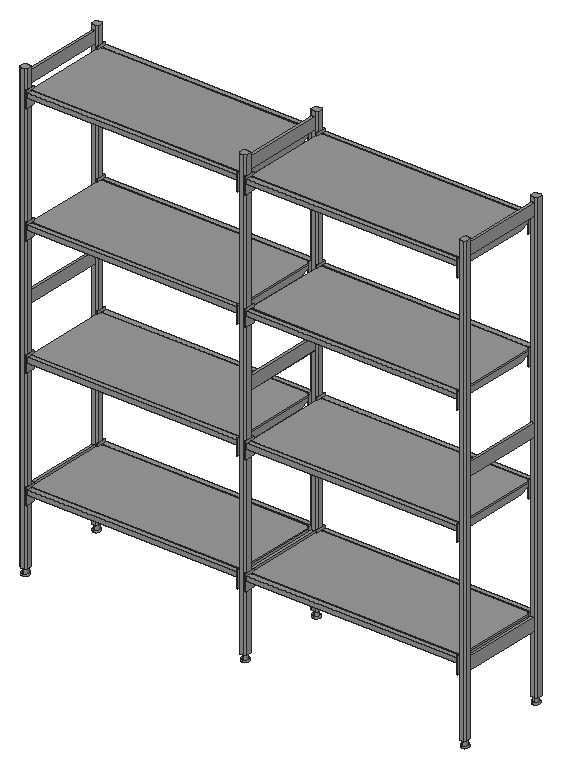
Revit family "QF_ELECTROLUXPROFESSIONAL_137020_ALS1696", category Attrezzature speciali, Revit 2020
Family settings
  Quota connettore circolare = Usa diametro
  Tipo di parte = Normale
  Basato su piano di lavoro = No
  Sempre verticale = Sì
  Taglio con vuoti quando caricato = No
  Condiviso = No
  Punto di calcolo locali = No
Parameters (values of type "Standard")
  Weight = 30.00 kg
  Watts = 0 W
  Volts = 0 V
  URL Manufacturer = "https://www.electroluxprofessional.com/"
  URL = "https://www.electroluxprofessional.com/"
  Steam Supply Size = 0 mm
  Steam Supply Minimum Pressure = 0.0 Pa
  Steam Supply Maximum Pressure = 0.0 Pa
  Steam Consumption per Hour = 0
  Refrigeration Suction Line Size = 0.0 mm
  Refrigeration Liquid Line Size = 0.0 mm
  Refrigerant Compressor Remote = yes
  Prospetto di default = 0.0 mm
  Phase = 0
  Modello = "ALS1696"
  Produttore = "Electrolux Professional"
  Length Actual = 1696.0 mm  # constant formula
  Item Number = "137020"
  Hot Water Size = 0 mm
  Height Actual = 1700.0 mm  # constant formula
  HP = "0 HP"
  Gas Size = 0 mm
  Gas KW = 0
  Gas Input Pressure = 0 W
  Direct Waste Size = 0 mm
  Descrizione = "ALUM.LINEAR SHELV.-POLY.TIERS-373X1696MM"
  Depth Actual = 373.0 mm  # constant formula
  Cycle = 0 Hz
  Condensate Return Size = 0 mm
  Compressed Air Volume = 0.0 L/s
  Compressed Air Size = 0 mm
  Compressed Air Pressure = 0.0 Pa
  Cold Water Size = 0 mm
  Accessory = yes
Reference planes
  plane 1: z = 0
  plane 2 "CenterLeft": x = -31
  plane 3 "LEFT": x = -417
  plane 4 "BACK": y = 23
  plane 5 "FRONT": y = -350
  plane 6 "TOP": z = 1700
  plane 7: x = -385
  plane 8: x = 413
  plane 9 "Center (Front/Back)": y = -163.5
  plane 10: y = -8.5
  plane 11: y = -318.5
  plane 12 "FEET": z = 25
  plane 13: z = 275
  plane 14: z = 725
  plane 15: z = 1175
  plane 16: z = 1625
  plane 17 "CXLeft": x = -403
  plane 18 "Center (Left/Right)": x = 431
  plane 19: y = 5.5
  plane 20 "CYBack": y = 5.5
  plane 21 "CYFront": y = -332.5
  plane 22 "RIGHT": x = 1279
  plane 23: x = 1247
  plane 24 "CXRight": x = 1265
  plane 25: x = 449
Forms (mm)
  Extrusion 1, solid, material "QF_Aluminum"
    sketch origin (-417, 0, -4.006) x (0, 1, 0) y (0, 0, 1)
      loop
        line (-12, 1637.003) -> (4, 1637.003) -> (4, 1655) -> (2.007, 1655) -> (2.007, 1648.501) -> (-329, 1648.501) -> (-329, 1655) -> (-331, 1655) -> (-331, 1637.003) -> (-315, 1637.003) -> (-281, 1625) -> (-46, 1625) -> (-12, 1637.003)
      loop
        line (-12, 1187.003) -> (4, 1187.003) -> (4, 1205) -> (2.007, 1205) -> (2.007, 1198.501) -> (-329, 1198.501) -> (-329, 1205) -> (-331, 1205) -> (-331, 1187.003) -> (-315, 1187.003) -> (-281, 1175) -> (-46, 1175) -> (-12, 1187.003)
      loop
        line (-12, 737.003) -> (4, 737.003) -> (4, 755) -> (2.007, 755) -> (2.007, 748.501) -> (-329, 748.501) -> (-329, 755) -> (-331, 755) -> (-331, 737.003) -> (-315, 737.003) -> (-281, 725) -> (-46, 725) -> (-12, 737.003)
      loop
        line (-12, 287.003) -> (4, 287.003) -> (4, 305) -> (2.007, 305) -> (2.007, 298.501) -> (-329, 298.501) -> (-329, 305) -> (-331, 305) -> (-331, 287.003) -> (-315, 287.003) -> (-281, 275) -> (-46, 275) -> (-12, 287.003)
    from 37 to 32
  Extrusion 2, solid, material "QF_Aluminum"
    sketch origin (-417, 0, 0) x (0, 1, 0) y (0, 0, 1)
      loop
        line (23, 246.005) -> (23, 307.993) -> (-12.993, 307.993) -> (-12.993, 246.005) -> (23, 246.005)
      loop
        line (-350, 246.005) -> (-314.007, 246.005) -> (-314.007, 307.993) -> (-350, 307.993) -> (-350, 246.005)
      loop
        line (23, 696.005) -> (23, 757.993) -> (-12.993, 757.993) -> (-12.993, 696.005) -> (23, 696.005)
      loop
        line (-350, 696.005) -> (-314.007, 696.005) -> (-314.007, 757.993) -> (-350, 757.993) -> (-350, 696.005)
      loop
        line (23, 1146.005) -> (23, 1207.993) -> (-12.993, 1207.993) -> (-12.993, 1146.005) -> (23, 1146.005)
      loop
        line (-350, 1146.005) -> (-314.007, 1146.005) -> (-314.007, 1207.993) -> (-350, 1207.993) -> (-350, 1146.005)
      loop
        line (23, 1596.005) -> (23, 1657.993) -> (-12.993, 1657.993) -> (-12.993, 1596.005) -> (23, 1596.005)
      loop
        line (-350, 1596.005) -> (-314.007, 1596.005) -> (-314.007, 1657.993) -> (-350, 1657.993) -> (-350, 1596.005)
    from 28 to 32
  Extrusion 3, solid, material "QF_Aluminum"
    sketch origin (-417, 0, 0) x (0, 1, 0) y (0, 0, 1)
      loop
        line (4, 1650.994) -> (4, 1632.998) -> (23, 1632.998) -> (23, 1650.994) -> (4, 1650.994)
      loop
        line (-331, 1650.994) -> (-350, 1650.994) -> (-350, 1632.998) -> (-331, 1632.998) -> (-331, 1650.994)
      loop
        line (4, 1200.994) -> (4, 1182.998) -> (23, 1182.998) -> (23, 1200.994) -> (4, 1200.994)
      loop
        line (-331, 1200.994) -> (-350, 1200.994) -> (-350, 1182.998) -> (-331, 1182.998) -> (-331, 1200.994)
      loop
        line (4, 750.994) -> (4, 732.998) -> (23, 732.998) -> (23, 750.994) -> (4, 750.994)
      loop
        line (-331, 750.994) -> (-350, 750.994) -> (-350, 732.998) -> (-331, 732.998) -> (-331, 750.994)
      loop
        line (4, 300.994) -> (4, 282.998) -> (23, 282.998) -> (23, 300.994) -> (4, 300.994)
      loop
        line (-331, 300.994) -> (-350, 300.994) -> (-350, 282.998) -> (-331, 282.998) -> (-331, 300.994)
    from 32 to 830
  Extrusion 4, solid, material "QF_Polyethylene"
    sketch origin (-417, 0, 0) x (0, 1, 0) y (0, 0, 1)
      loop
        line (2.007, 1650.994) -> (-329, 1650.994) -> (-329, 1644.496) -> (2.007, 1644.496) -> (2.007, 1650.994)
      loop
        line (2.007, 1200.994) -> (-329, 1200.994) -> (-329, 1194.496) -> (2.007, 1194.496) -> (2.007, 1200.994)
      loop
        line (2.007, 750.994) -> (-329, 750.994) -> (-329, 744.496) -> (2.007, 744.496) -> (2.007, 750.994)
      loop
        line (2.007, 300.994) -> (-329, 300.994) -> (-329, 294.496) -> (2.007, 294.496) -> (2.007, 300.994)
    from 32 to 830
  Extrusion 5, solid, material "QF_Aluminum"
    sketch origin (1279, 0, 0) x (0, 1, 0) y (0, 0, 1)
      loop
        line (4, 1650.994) -> (4, 1632.998) -> (23, 1632.998) -> (23, 1650.994) -> (4, 1650.994)
      loop
        line (-331, 1650.994) -> (-350, 1650.994) -> (-350, 1632.998) -> (-331, 1632.998) -> (-331, 1650.994)
      loop
        line (4, 1200.994) -> (4, 1182.998) -> (23, 1182.998) -> (23, 1200.994) -> (4, 1200.994)
      loop
        line (-331, 1200.994) -> (-350, 1200.994) -> (-350, 1182.998) -> (-331, 1182.998) -> (-331, 1200.994)
      loop
        line (4, 750.994) -> (4, 732.998) -> (23, 732.998) -> (23, 750.994) -> (4, 750.994)
      loop
        line (-331, 750.994) -> (-350, 750.994) -> (-350, 732.998) -> (-331, 732.998) -> (-331, 750.994)
      loop
        line (4, 300.994) -> (4, 282.998) -> (23, 282.998) -> (23, 300.994) -> (4, 300.994)
      loop
        line (-331, 300.994) -> (-350, 300.994) -> (-350, 282.998) -> (-331, 282.998) -> (-331, 300.994)
    from -32 to -830
  Extrusion 6, solid, material "QF_Polyethylene"
    sketch origin (1279, 0, 0) x (0, 1, 0) y (0, 0, 1)
      loop
        line (2.007, 1650.994) -> (-329, 1650.994) -> (-329, 1644.496) -> (2.007, 1644.496) -> (2.007, 1650.994)
      loop
        line (2.007, 1200.994) -> (-329, 1200.994) -> (-329, 1194.496) -> (2.007, 1194.496) -> (2.007, 1200.994)
      loop
        line (2.007, 750.994) -> (-329, 750.994) -> (-329, 744.496) -> (2.007, 744.496) -> (2.007, 750.994)
      loop
        line (2.007, 300.994) -> (-329, 300.994) -> (-329, 294.496) -> (2.007, 294.496) -> (2.007, 300.994)
    from -32 to -830
Lines and regions (mm)
  symbolic lines
    curve 1: line (413, 4, 1700) -> (-385, 4, 1700)
    curve 2: line (-408, -8.5, 1700) -> (-408, -318.5, 1700)
    curve 3: line (-398, -318.5, 1700) -> (-398, -8.5, 1700)
    curve 4: line (-389, 23, 1700) -> (417, 23, 1700)
    curve 5: line (-385, -350, 1700) -> (413, -350, 1700)
    curve 6: line (445, 23, 1700) -> (1251, 23, 1700)
    curve 7: line (445, -350, 1700) -> (1251, -350, 1700)
    curve 8: line (-385, -331, 1700) -> (413, -331, 1700)
    curve 9: line (449, -331, 1700) -> (1247, -331, 1700)
    curve 10: line (449, 4, 1700) -> (1247, 4, 1700)
    curve 11: line (1247, -12.993, 1700) -> (1247, -314.007, 1700)
    curve 12: line (413, -12.993, 1700) -> (413, -314.007, 1700)
    curve 13: line (449, -314.007, 1700) -> (449, -12.993, 1700)
    curve 14: line (-385, -12.993, 1700) -> (-385, -314.007, 1700)
Dimensions and locks
  plane 3 "LEFT" to plane 2 "CenterLeft" = 386.0 mm
  locked: plane 6 "TOP" to level at 1700
  locked: plane 4 "BACK" to plane 5 "FRONT" at 373
  locked: plane 7 to plane 8 at 798
  locked: plane 10 to plane 11 at 310
  equal spacing: plane 10, plane 9 "Center (Front/Back)", plane 11
  equal spacing: plane 4 "BACK", plane 9 "Center (Front/Back)", plane 5 "FRONT"
  plane 12 "FEET" to level = 25.0 mm
  plane 6 "TOP" to plane 12 "FEET" = 1675.0 mm
  plane 13 to plane 12 "FEET" = 250.0 mm
  plane 14 to plane 13 = 450.0 mm
  plane 15 to plane 14 = 450.0 mm
  plane 16 to plane 15 = 450.0 mm
  locked: plane 4 "BACK" to plane 20 "CYBack" at 17.5
  locked: plane 21 "CYFront" to plane 5 "FRONT" at 17.5
  locked: plane 4 "BACK" to Extrusion 1 at 19
  locked: Extrusion 1 to plane 5 "FRONT" at 19
  Extrusion 1 sketch curve to plane 21 "CYFront" = 3.5 mm
  plane 3 "LEFT" to plane 22 "RIGHT" = 1696.0 mm
  locked: plane 25 to plane 23 at 798
  locked: plane 8 to plane 18 "Center (Left/Right)" at 18
  locked: plane 18 "Center (Left/Right)" to plane 25 at 18
  locked: plane 3 "LEFT" to plane 7 at 32
  locked: plane 24 "CXRight" to plane 22 "RIGHT" at 14
  aligned and locked: level to plane 1
  aligned and locked: plane 7 to Extrusion 1
  aligned and locked: Extrusion 2 to plane 7
  aligned and locked: plane 7 to Extrusion 4
  aligned and locked: Extrusion 4 to plane 8
  aligned and locked: plane 7 to Extrusion 3
  aligned and locked: Extrusion 3 to plane 8
  aligned and locked: Extrusion 3 sketch curve to Extrusion 1
  aligned and locked: Extrusion 1 to Extrusion 3 sketch curve
  aligned and locked: Extrusion 3 sketch curve to Extrusion 3 sketch curve  (x2)
  aligned and locked: Extrusion 1 sketch curve to Extrusion 1 sketch curve  (x3)
  aligned and locked: Extrusion 4 sketch curve to Extrusion 1  (x4)
  aligned and locked: Extrusion 5 sketch curve to Extrusion 5 sketch curve  (x2)
  aligned and locked: Extrusion 5 to plane 25
  aligned and locked: Extrusion 6 to plane 25
  aligned and locked: plane 18 "Center (Left/Right)" to nested 3
  aligned and locked: plane 17 "CXLeft" to nested 1
  aligned and locked: Extrusion 3 to plane 7  (x3)
  aligned and locked: plane 8 to Extrusion 3  (x4)
  aligned and locked: plane 25 to Extrusion 5  (x4)
  aligned and locked: plane 25 to Extrusion 6  (x4)
  aligned and locked: plane 8 to Extrusion 4  (x4)
  aligned and locked: plane 24 "CXRight" to nested 2
  aligned and locked: Extrusion 5 to plane 23
  aligned and locked: Extrusion 6 to plane 23
  aligned and locked: plane 23 to Extrusion 5  (x3)
  aligned and locked: plane 23 to Extrusion 6  (x3)
Automatic sketch dimensions
  plane 21 "CYFront" to Extrusion 1 sketch curve = 1.5 mm  (x4)
  plane 11 to Extrusion 1 sketch curve = 3.5 mm  (x4)
  Extrusion 1 sketch curve to plane 13 = 4.006 mm
  Extrusion 1 sketch curve to Extrusion 1 sketch curve = 34.0 mm  (x4)
  Extrusion 1 sketch curve to plane 14 = 4.006 mm
  Extrusion 1 sketch curve to plane 15 = 4.006 mm
  Extrusion 1 sketch curve to plane 16 = 4.006 mm
  Extrusion 1 sketch curve to plane 10 = 37.5 mm  (x4)
  Extrusion 1 sketch curve to plane 10 = 3.5 mm  (x4)
  plane 19 to Extrusion 1 sketch curve = 3.493 mm  (x4)
  plane 19 to Extrusion 1 sketch curve = 1.5 mm  (x4)
  plane 13 to Extrusion 1 sketch curve = 7.998 mm  (x2)
  Extrusion 1 sketch curve to Extrusion 1 sketch curve = 11.498 mm  (x4)
  Extrusion 1 sketch curve to Extrusion 1 sketch curve = 6.499 mm  (x8)
  plane 14 to Extrusion 1 sketch curve = 7.998 mm  (x2)
  plane 15 to Extrusion 1 sketch curve = 7.998 mm  (x2)
  plane 16 to Extrusion 1 sketch curve = 7.998 mm  (x2)
  Extrusion 2 sketch curve to plane 5 "FRONT" = 0.0 mm  (x4)
  Extrusion 2 sketch curve to plane 4 "BACK" = 0.0 mm  (x4)
  plane 11 to Extrusion 2 sketch curve = 4.493 mm  (x4)
  Extrusion 2 sketch curve to plane 10 = 4.493 mm  (x4)
  Extrusion 2 sketch curve to plane 13 = 28.995 mm  (x2)
  plane 13 to Extrusion 2 sketch curve = 32.993 mm  (x2)
  Extrusion 2 sketch curve to plane 14 = 28.995 mm  (x2)
  plane 14 to Extrusion 2 sketch curve = 32.993 mm  (x2)
  Extrusion 2 sketch curve to plane 15 = 28.995 mm  (x2)
  plane 15 to Extrusion 2 sketch curve = 32.993 mm  (x2)
  Extrusion 2 sketch curve to plane 16 = 28.995 mm  (x2)
  plane 16 to Extrusion 2 sketch curve = 32.993 mm  (x2)
  Extrusion 3 sketch curve to plane 5 "FRONT" = 0.0 mm  (x4)
  Extrusion 3 sketch curve to plane 4 "BACK" = 0.0 mm  (x4)
  plane 19 to Extrusion 3 sketch curve = 1.5 mm  (x4)
  plane 13 to Extrusion 3 sketch curve = 7.998 mm  (x2)
  Extrusion 3 sketch curve to Extrusion 3 sketch curve = 17.997 mm  (x8)
  plane 14 to Extrusion 3 sketch curve = 7.998 mm  (x2)
  plane 15 to Extrusion 3 sketch curve = 7.998 mm  (x2)
  plane 16 to Extrusion 3 sketch curve = 7.998 mm  (x2)
  plane 19 to Extrusion 4 sketch curve = 3.493 mm  (x4)
  plane 13 to Extrusion 4 sketch curve = 19.496 mm
  Extrusion 4 sketch curve to Extrusion 4 sketch curve = 6.499 mm  (x4)
  plane 14 to Extrusion 4 sketch curve = 19.496 mm
  plane 15 to Extrusion 4 sketch curve = 19.496 mm
  plane 16 to Extrusion 4 sketch curve = 19.496 mm
  Extrusion 5 sketch curve to plane 5 "FRONT" = 0.0 mm  (x4)
  Extrusion 5 sketch curve to plane 4 "BACK" = 0.0 mm  (x4)
  plane 21 "CYFront" to Extrusion 5 sketch curve = 1.5 mm  (x2)
  plane 19 to Extrusion 5 sketch curve = 1.5 mm  (x4)
  plane 13 to Extrusion 5 sketch curve = 7.998 mm  (x2)
  Extrusion 5 sketch curve to Extrusion 5 sketch curve = 17.997 mm  (x8)
  plane 14 to Extrusion 5 sketch curve = 7.998 mm  (x2)
  plane 15 to Extrusion 5 sketch curve = 7.998 mm  (x2)
  plane 16 to Extrusion 5 sketch curve = 7.998 mm  (x2)
  plane 21 "CYFront" to Extrusion 6 sketch curve = 3.5 mm  (x4)
  plane 19 to Extrusion 6 sketch curve = 3.493 mm  (x4)
  plane 13 to Extrusion 6 sketch curve = 19.496 mm
  Extrusion 6 sketch curve to Extrusion 6 sketch curve = 6.499 mm  (x4)
  plane 14 to Extrusion 6 sketch curve = 19.496 mm
  plane 15 to Extrusion 6 sketch curve = 19.496 mm
  plane 16 to Extrusion 6 sketch curve = 19.496 mm
  curve 7 to plane 5 "FRONT" = 0.0 mm
  curve 5 to plane 5 "FRONT" = 0.0 mm
  curve 8 to plane 8 = 0.0 mm
  curve 9 to plane 25 = 0.0 mm
  curve 9 to plane 23 = 0.0 mm
  curve 8 to plane 7 = 0.0 mm
  curve 2 to plane 11 = 0.0 mm
  curve 3 to plane 11 = 0.0 mm
  curve 14 to plane 7 = 0.0 mm
  curve 13 to plane 25 = 0.0 mm
  curve 12 to plane 8 = 0.0 mm
  curve 11 to plane 23 = 0.0 mm
  curve 3 to plane 10 = 0.0 mm
  curve 2 to plane 10 = 0.0 mm
  curve 1 to plane 8 = 0.0 mm
  curve 1 to plane 7 = 0.0 mm
  curve 10 to plane 23 = 0.0 mm
  curve 10 to plane 25 = 0.0 mm
  curve 4 to plane 4 "BACK" = 0.0 mm
  curve 6 to plane 4 "BACK" = 0.0 mm
  curve 5 to plane 8 = 0.0 mm
  curve 5 to plane 7 = 0.0 mm
  plane 21 "CYFront" to curve 8 = 1.5 mm
  plane 21 "CYFront" to curve 9 = 1.5 mm
  plane 11 to curve 14 = 4.493 mm
  plane 11 to curve 13 = 4.493 mm
  plane 11 to curve 12 = 4.493 mm
  plane 11 to curve 11 = 4.493 mm
  curve 14 to plane 10 = 4.493 mm
  curve 13 to plane 10 = 4.493 mm
  curve 12 to plane 10 = 4.493 mm
  curve 11 to plane 10 = 4.493 mm
  plane 19 to curve 1 = 1.5 mm
  plane 19 to curve 10 = 1.5 mm
  curve 6 to plane 23 = 4.0 mm
  curve 7 to plane 23 = 4.0 mm
  curve 6 to plane 25 = 4.0 mm
  curve 7 to plane 25 = 4.0 mm
  curve 4 to plane 8 = 4.0 mm
  plane 7 to curve 4 = 4.0 mm
  plane 17 "CXLeft" to curve 3 = 5.0 mm
  curve 2 to plane 17 "CXLeft" = 5.0 mm
Nested families
  nested 1: "WT_Anta373" at (0, 0, 0), type "WT_Anta373"
  nested 2: "WT_Anta373" at (862, 0, 0) x (-1, 0, 0) z (0, 0, 1), type "WT_Anta373"
  nested 3: "WT_Anta373Center" at (834, 0, 0), type "WT_Anta373Center"
Definition of nested family "WT_Anta373"
  Parameters
    WidthLeft = A + 64.0 mm  # 772.0 mm
    Width = 1606.0 mm
    Right = WidthLeft / 2  # 386.0 mm
    Default Elevation = 0.0 mm
    Left = -WidthLeft / 2  # -386.0 mm
    Height = 1725.0 mm
    FEET = 25.0 mm
    E = 0.0 mm
    Dint = Depth - 63.0 mm  # 310.0 mm
    Dext = Depth - 8.0 mm  # 365.0 mm
    Depth = 373.0 mm
    DX = (WidthLeft - A) / 2  # 32.0 mm
    B = 798.0 mm
    A = 708.0 mm
  Reference planes
    plane 1: z = 0
    plane 2 "LEFT": x = -417
    plane 3 "BACK": y = 23
    plane 4 "FRONT": y = -350
    plane 5 "TOP": z = 1725
    plane 6 "Center (Front/Back)": y = -163.5
    plane 7: y = -8.5
    plane 8: y = -318.5
    plane 9 "FEET": z = 25
    plane 10: z = 275
    plane 11: z = 725
    plane 12: z = 1175
    plane 13: z = 1625
    plane 14 "CXLeft": x = -403
    plane 15: y = 5.5
    plane 16 "CYBack": y = 5.5
    plane 17 "CYFront": y = -332.5
    plane 18: x = -385.031
    plane 19: x = -380.031
  Forms (mm)
    Extrusion 1, solid
      sketch origin (0, 0, 0) x (1, 0, 0) y (0, 1, 0)
        loop
          line (-417, 13.246) -> (-417, -2.246) -> (-410.746, -8.5) -> (-395.254, -8.5) -> (-389, -2.246) -> (-389, 13.246) -> (-395.254, 19.5) -> (-410.746, 19.5) -> (-417, 13.246)
      from 1725 to 25
    Extrusion 2, solid
      sketch origin (-417, 0, 0) x (0, 1, 0) y (0, 0, 1)
        loop
          line (23, 246.005) -> (23, 307.993) -> (-12.993, 307.993) -> (-12.993, 246.005) -> (23, 246.005)
        loop
          line (-350, 246.005) -> (-314.007, 246.005) -> (-314.007, 307.993) -> (-350, 307.993) -> (-350, 246.005)
        loop
          line (23, 696.005) -> (23, 757.993) -> (-12.993, 757.993) -> (-12.993, 696.005) -> (23, 696.005)
        loop
          line (-350, 696.005) -> (-314.007, 696.005) -> (-314.007, 757.993) -> (-350, 757.993) -> (-350, 696.005)
        loop
          line (23, 1146.005) -> (23, 1207.993) -> (-12.993, 1207.993) -> (-12.993, 1146.005) -> (23, 1146.005)
        loop
          line (-350, 1146.005) -> (-314.007, 1146.005) -> (-314.007, 1207.993) -> (-350, 1207.993) -> (-350, 1146.005)
        loop
          line (23, 1596.005) -> (23, 1657.993) -> (-12.993, 1657.993) -> (-12.993, 1596.005) -> (23, 1596.005)
        loop
          line (-350, 1596.005) -> (-314.007, 1596.005) -> (-314.007, 1657.993) -> (-350, 1657.993) -> (-350, 1596.005)
      from 28 to 32
    Revolve 3, solid
      sketch origin (-403, 0, 0) x (0, 1, 0) y (0, 0, 1)
        loop
          line (5.5, 25) -> (5.5, 0) -> (19, 0) -> (19, 5) -> (14, 5) -> (14, 25) -> (5.5, 25)
        axis (5.5, 25) -> (5.5, 0)
      angle from 0 to 360
    Extrusion 4, solid
      sketch origin (-403, 0, 0) x (0, 1, 0) y (0, 0, 1)
        loop
          line (-8.5, 912.382) -> (-8.5, 957.374) -> (-318.5, 957.374) -> (-318.5, 912.382) -> (-8.5, 912.382)
        loop
          line (-8.5, 1662.244) -> (-8.5, 1707.236) -> (-318.5, 1707.236) -> (-318.5, 1662.244) -> (-8.5, 1662.244)
      from -5 to 5
    Revolve 5, solid
      sketch origin (-403, -627, 0) x (0, -1, 0) y (0, 0, 1)
        loop
          line (-294.5, 25) -> (-294.5, 0) -> (-281, 0) -> (-281, 5) -> (-286, 5) -> (-286, 25) -> (-294.5, 25)
        axis (-294.5, 25) -> (-294.5, 0)
      angle from 0 to 360
    Extrusion 6, solid
      sketch origin (0, -627, 0) x (1, 0, 0) y (0, 1, 0)
        loop
          line (-417, 286.754) -> (-410.746, 280.5) -> (-395.254, 280.5) -> (-389, 286.754) -> (-389, 302.246) -> (-395.254, 308.5) -> (-410.746, 308.5) -> (-417, 302.246) -> (-417, 286.754)
      from 1725 to 25
    Extrusion 7, solid
      sketch origin (-417.031, -0.022, 0) x (0, 1, 0) y (0, 0, -1)
        loop
          line (-12, -1632.998) -> (-46, -1620.994) -> (-281, -1620.994) -> (-315, -1632.998) -> (-331, -1632.998) -> (-331, -1650.994) -> (-329, -1650.994) -> (-329, -1644.496) -> (2.007, -1644.496) -> (2.007, -1650.994) -> (4, -1650.994) -> (4, -1632.998) -> (-12, -1632.998)
        loop
          line (-12, -1182.998) -> (-46, -1170.994) -> (-281, -1170.994) -> (-315, -1182.998) -> (-331, -1182.998) -> (-331, -1200.994) -> (-329, -1200.994) -> (-329, -1194.496) -> (2.007, -1194.496) -> (2.007, -1200.994) -> (4, -1200.994) -> (4, -1182.998) -> (-12, -1182.998)
        loop
          line (-12, -732.998) -> (-46, -720.994) -> (-281, -720.994) -> (-315, -732.998) -> (-331, -732.998) -> (-331, -750.994) -> (-329, -750.994) -> (-329, -744.496) -> (2.007, -744.496) -> (2.007, -750.994) -> (4, -750.994) -> (4, -732.998) -> (-12, -732.998)
        loop
          line (-12, -282.998) -> (-46, -270.994) -> (-281, -270.994) -> (-315, -282.998) -> (-331, -282.998) -> (-331, -300.994) -> (-329, -300.994) -> (-329, -294.496) -> (2.007, -294.496) -> (2.007, -300.994) -> (4, -300.994) -> (4, -282.998) -> (-12, -282.998)
      from -32 to -37
    Extrusion 8, solid
      sketch origin (-403, 0, -659.878) x (0, 1, 0) y (0, 0, 1)
        loop
          line (-8.5, 912.382) -> (-8.5, 957.374) -> (-318.5, 957.374) -> (-318.5, 912.382) -> (-8.5, 912.382)
        loop
          line (-8.5, 1572.382) -> (-8.5, 1617.374) -> (-318.5, 1617.374) -> (-318.5, 1572.382) -> (-8.5, 1572.382)
        loop
          line (-8.5, 2322.382) -> (-8.5, 2367.374) -> (-318.5, 2367.374) -> (-318.5, 2322.382) -> (-8.5, 2322.382)
      from -5 to 5
  Lines and regions (mm)
    symbolic lines
      curve 1: line (-408, -8.5, 1725) -> (-408, -318.5, 1725)
      curve 2: line (-398, -318.5, 1725) -> (-398, -8.5, 1725)
      curve 3: line (-395.254, -8.5, 1725) -> (-410.746, -8.5, 1725)
      curve 4: line (-417, -2.246, 1725) -> (-410.746, -8.5, 1725)
      curve 5: line (-417, 13.246, 1725) -> (-417, -2.246, 1725)
      curve 6: line (-410.746, 19.5, 1725) -> (-417, 13.246, 1725)
      curve 7: line (-395.254, 19.5, 1725) -> (-410.746, 19.5, 1725)
      curve 8: line (-389, 13.246, 1725) -> (-395.254, 19.5, 1725)
      curve 9: line (-395.254, -8.5, 1725) -> (-389, -2.246, 1725)
      curve 10: line (-395.254, -318.5, 1725) -> (-410.746, -318.5, 1725)
      curve 11: line (-417, -324.754, 1725) -> (-410.746, -318.5, 1725)
      curve 12: line (-410.746, -346.5, 1725) -> (-417, -340.246, 1725)
      curve 13: line (-395.254, -346.5, 1725) -> (-410.746, -346.5, 1725)
      curve 14: line (-389, -340.246, 1725) -> (-395.254, -346.5, 1725)
      curve 15: line (-395.254, -318.5, 1725) -> (-389, -324.754, 1725)
      curve 16: line (-389, -350, 1725) -> (-389, -314.007, 1725)
      curve 17: line (-389, -314.007, 1725) -> (-385, -314.007, 1725)
      curve 18: line (-389, 23, 1725) -> (-389, -12.993, 1725)
      curve 19: line (-389, -12.993, 1725) -> (-385, -12.993, 1725)
      curve 20: line (-417, -324.754, 1725) -> (-417, -340.246, 1725)
      curve 21: line (-385, -350, 1725) -> (-385, -314.007, 1725)
      curve 22: line (-385, -350, 1725) -> (-389, -350, 1725)
      curve 23: line (-385, 23, 1725) -> (-389, 23, 1725)
      curve 24: line (-385, -12.993, 1725) -> (-385, 23, 1725)
      curve 25: line (-385.031, -13.016, 1725) -> (-385.031, -314.029, 1725)
  Dimensions and locks
    "Height": plane 5 "TOP" to level
    "Depth": plane 3 "BACK" to plane 4 "FRONT"
    "Dint": plane 7 to plane 8
    equal spacing: plane 7, plane 6 "Center (Front/Back)", plane 8
    equal spacing: plane 3 "BACK", plane 6 "Center (Front/Back)", plane 4 "FRONT"
    plane 9 "FEET" to level = 25.0 mm
    plane 5 "TOP" to plane 9 "FEET" = 1700.0 mm
    plane 10 to plane 9 "FEET" = 250.0 mm
    plane 11 to plane 10 = 450.0 mm
    plane 12 to plane 11 = 450.0 mm
    plane 13 to plane 12 = 450.0 mm
    locked: plane 2 "LEFT" to plane 14 "CXLeft" at 14
    locked: plane 3 "BACK" to plane 16 "CYBack" at 17.5
    locked: plane 17 "CYFront" to plane 4 "FRONT" at 17.5
    locked: Revolve 3 sketch curve to Revolve 3 sketch curve at 8.5
    locked: Revolve 3 sketch curve to plane 16 "CYBack" at 13.5
    locked: Revolve 5 sketch curve to Revolve 5 sketch curve at 8.5
    aligned and locked: level to plane 1
    aligned and locked: curve 20 to Extrusion 6
    aligned and locked: plane 5 "TOP" to Extrusion 1
    aligned and locked: plane 5 "TOP" to Extrusion 6
    aligned and locked: Extrusion 7 sketch curve to Extrusion 7 sketch curve  (x3)
  Automatic sketch dimensions
    curve 16 to plane 4 "FRONT" = 0.0 mm
    curve 11 to plane 8 = 0.0 mm
    curve 9 to plane 7 = 0.0 mm
    curve 5 to plane 2 "LEFT" = 0.0 mm
    curve 23 to plane 3 "BACK" = 0.0 mm
    plane 4 "FRONT" to curve 13 = 3.5 mm
    curve 20 to plane 17 "CYFront" = 7.746 mm
    curve 20 to plane 8 = 6.254 mm
    plane 8 to curve 16 = 4.493 mm
    curve 24 to plane 18 = 0.031 mm
    curve 24 to plane 7 = 4.493 mm
    plane 7 to curve 5 = 6.254 mm
    curve 5 to plane 15 = 7.746 mm
    curve 6 to plane 3 "BACK" = 3.5 mm
    curve 21 to plane 18 = 0.031 mm
    plane 18 to curve 23 = 3.969 mm
    plane 18 to curve 16 = 3.969 mm
    curve 18 to curve 8 = 6.254 mm
    curve 18 to curve 3 = 6.254 mm
    curve 16 to curve 13 = 6.254 mm
    curve 16 to curve 15 = 6.254 mm
    plane 2 "LEFT" to curve 10 = 6.254 mm
    plane 2 "LEFT" to curve 7 = 6.254 mm
    plane 2 "LEFT" to curve 12 = 6.254 mm
    plane 2 "LEFT" to curve 3 = 6.254 mm
    curve 14 to plane 17 "CYFront" = 7.746 mm
    curve 15 to plane 8 = 6.254 mm
    plane 7 to curve 9 = 6.254 mm
    curve 8 to plane 15 = 7.746 mm
    curve 3 to curve 2 = 2.746 mm
    curve 1 to curve 10 = 2.746 mm
    Extrusion 1 sketch curve to plane 2 "LEFT" = 0.0 mm
    Extrusion 1 sketch curve to plane 7 = 0.0 mm
    plane 2 "LEFT" to Extrusion 1 sketch curve = 6.254 mm  (x2)
    plane 14 "CXLeft" to Extrusion 1 sketch curve = 7.746 mm  (x2)
    Extrusion 1 sketch curve to plane 3 "BACK" = 3.5 mm
    plane 18 to Extrusion 1 sketch curve = 3.969 mm
    plane 7 to Extrusion 1 sketch curve = 6.254 mm  (x2)
    Extrusion 1 sketch curve to plane 15 = 7.746 mm  (x2)
    Extrusion 2 sketch curve to plane 4 "FRONT" = 0.0 mm  (x4)
    Extrusion 2 sketch curve to plane 3 "BACK" = 0.0 mm  (x4)
    plane 8 to Extrusion 2 sketch curve = 4.493 mm  (x4)
    Extrusion 2 sketch curve to plane 7 = 4.493 mm  (x4)
    Extrusion 2 sketch curve to plane 10 = 28.995 mm  (x2)
    plane 10 to Extrusion 2 sketch curve = 32.993 mm  (x2)
    Extrusion 2 sketch curve to plane 11 = 28.995 mm  (x2)
    plane 11 to Extrusion 2 sketch curve = 32.993 mm  (x2)
    Extrusion 2 sketch curve to plane 12 = 28.995 mm  (x2)
    plane 12 to Extrusion 2 sketch curve = 32.993 mm  (x2)
    Extrusion 2 sketch curve to plane 13 = 28.995 mm  (x2)
    plane 13 to Extrusion 2 sketch curve = 32.993 mm  (x2)
    Revolve 3 sketch curve to plane 9 "FEET" = 0.0 mm  (x2)
    Revolve 3 sketch curve to plane 15 = 0.0 mm  (x2)
    Revolve 3 sketch curve to level = 0.0 mm
    level to Revolve 3 sketch curve = 5.0 mm
    Revolve 3 sketch curve to Revolve 3 sketch curve = 11.655 mm
    Extrusion 4 sketch curve to plane 8 = 0.0 mm  (x2)
    Extrusion 4 sketch curve to plane 7 = 0.0 mm  (x2)
    plane 11 to Extrusion 4 sketch curve = 187.382 mm
    Extrusion 4 sketch curve to Extrusion 4 sketch curve = 44.992 mm
    plane 13 to Extrusion 4 sketch curve = 37.244 mm
    Extrusion 4 sketch curve to plane 5 "TOP" = 17.764 mm
    Revolve 5 sketch curve to plane 9 "FEET" = 0.0 mm  (x2)
    Revolve 5 sketch curve to plane 17 "CYFront" = 0.0 mm  (x2)
    Revolve 5 sketch curve to level = 0.0 mm
    Revolve 5 sketch curve to plane 4 "FRONT" = 4.0 mm
    Revolve 5 sketch curve to Revolve 5 sketch curve = 5.0 mm
    level to Revolve 5 sketch curve = 11.655 mm
    Extrusion 6 sketch curve to plane 2 "LEFT" = 0.0 mm
    Extrusion 6 sketch curve to plane 8 = 0.0 mm
    Extrusion 6 sketch curve to plane 2 "LEFT" = 6.254 mm  (x2)
    Extrusion 6 sketch curve to plane 14 "CXLeft" = 7.746 mm  (x2)
    Extrusion 6 sketch curve to plane 4 "FRONT" = 3.5 mm
    Extrusion 6 sketch curve to plane 18 = 3.969 mm
    plane 8 to Extrusion 6 sketch curve = 6.254 mm  (x2)
    plane 17 "CYFront" to Extrusion 6 sketch curve = 7.746 mm  (x2)
    plane 17 "CYFront" to Extrusion 7 sketch curve = 1.478 mm  (x4)
    Extrusion 7 sketch curve to Extrusion 7 sketch curve = 2.0 mm
    plane 8 to Extrusion 7 sketch curve = 3.478 mm  (x4)
    Extrusion 7 sketch curve to plane 10 = 4.006 mm
    Extrusion 7 sketch curve to Extrusion 7 sketch curve = 34.0 mm  (x4)
    Extrusion 7 sketch curve to plane 11 = 4.006 mm
    Extrusion 7 sketch curve to plane 12 = 4.006 mm
    Extrusion 7 sketch curve to plane 13 = 4.006 mm
    Extrusion 7 sketch curve to plane 7 = 37.522 mm  (x4)
    Extrusion 7 sketch curve to plane 7 = 3.522 mm  (x4)
    plane 15 to Extrusion 7 sketch curve = 3.516 mm  (x4)
    plane 15 to Extrusion 7 sketch curve = 1.522 mm  (x4)
    plane 13 to Extrusion 7 sketch curve = 7.998 mm  (x2)
    Extrusion 7 sketch curve to Extrusion 7 sketch curve = 11.498 mm
    Extrusion 7 sketch curve to Extrusion 7 sketch curve = 6.499 mm  (x5)
    plane 12 to Extrusion 7 sketch curve = 25.994 mm  (x2)
    plane 12 to Extrusion 7 sketch curve = 7.998 mm  (x2)
    plane 11 to Extrusion 7 sketch curve = 25.994 mm  (x2)
    plane 11 to Extrusion 7 sketch curve = 7.998 mm  (x2)
    plane 10 to Extrusion 7 sketch curve = 25.994 mm  (x2)
    plane 10 to Extrusion 7 sketch curve = 7.998 mm  (x2)
    curve 25 to plane 18 = 0.0 mm
    plane 8 to curve 25 = 4.471 mm
    curve 25 to plane 7 = 4.516 mm
    Extrusion 8 sketch curve to plane 8 = 0.0 mm  (x3)
    Extrusion 8 sketch curve to plane 7 = 0.0 mm  (x3)
    Extrusion 8 sketch curve to plane 10 = 22.496 mm
    plane 10 to Extrusion 8 sketch curve = 22.496 mm
    plane 11 to Extrusion 8 sketch curve = 187.504 mm
    Extrusion 8 sketch curve to Extrusion 8 sketch curve = 44.992 mm
    plane 13 to Extrusion 8 sketch curve = 37.504 mm
    Extrusion 8 sketch curve to plane 5 "TOP" = 17.504 mm
Definition of nested family "WT_Anta373Center"
  Parameters
    WidthLeft = A + 64.0 mm  # 772.0 mm
    Width = 1606.0 mm
    Right = WidthLeft / 2  # 386.0 mm
    Default Elevation = 0.0 mm
    Left = -WidthLeft / 2  # -386.0 mm
    Height = 1725.0 mm
    FEET = 25.0 mm
    E = 0.0 mm
    Dint = Depth - 63.0 mm  # 310.0 mm
    Dext = Depth - 8.0 mm  # 365.0 mm
    Depth = 373.0 mm
    DX = (WidthLeft - A) / 2  # 32.0 mm
    B = 798.0 mm
    A = 708.0 mm
  Reference planes
    plane 1: z = 0
    plane 2 "L": x = -417
    plane 3 "BACK": y = 23
    plane 4 "FRONT": y = -350
    plane 5 "TOP": z = 1725
    plane 6 "Center (Front/Back)": y = -163.5
    plane 7: y = -8.5
    plane 8: y = -318.5
    plane 9 "FEET": z = 25
    plane 10: z = 275
    plane 11: z = 725
    plane 12: z = 1175
    plane 13: z = 1625
    plane 14 "CXLeft": x = -403
    plane 15: y = 5.5
    plane 16 "CYBack": y = 5.5
    plane 17 "CYFront": y = -332.5
    plane 18: x = -385.031
    plane 19 "RIGHT": x = -380.031
    plane 20: x = -420.969
    plane 21 "LEFT": x = -425.969
  Forms (mm)
    Extrusion 1, solid
      sketch origin (0, 0, 0) x (1, 0, 0) y (0, 1, 0)
        loop
          line (-417, 13.246) -> (-417, -2.246) -> (-410.746, -8.5) -> (-395.254, -8.5) -> (-389, -2.246) -> (-389, 13.246) -> (-395.254, 19.5) -> (-410.746, 19.5) -> (-417, 13.246)
      from 1725 to 25
    Extrusion 2, solid
      sketch origin (-417, 0, 0) x (0, 1, 0) y (0, 0, 1)
        loop
          line (23, 246.005) -> (23, 307.993) -> (-12.993, 307.993) -> (-12.993, 246.005) -> (23, 246.005)
        loop
          line (-350, 246.005) -> (-314.007, 246.005) -> (-314.007, 307.993) -> (-350, 307.993) -> (-350, 246.005)
        loop
          line (23, 696.005) -> (23, 757.993) -> (-12.993, 757.993) -> (-12.993, 696.005) -> (23, 696.005)
        loop
          line (-350, 696.005) -> (-314.007, 696.005) -> (-314.007, 757.993) -> (-350, 757.993) -> (-350, 696.005)
        loop
          line (23, 1146.005) -> (23, 1207.993) -> (-12.993, 1207.993) -> (-12.993, 1146.005) -> (23, 1146.005)
        loop
          line (-350, 1146.005) -> (-314.007, 1146.005) -> (-314.007, 1207.993) -> (-350, 1207.993) -> (-350, 1146.005)
        loop
          line (23, 1596.005) -> (23, 1657.993) -> (-12.993, 1657.993) -> (-12.993, 1596.005) -> (23, 1596.005)
        loop
          line (-350, 1596.005) -> (-314.007, 1596.005) -> (-314.007, 1657.993) -> (-350, 1657.993) -> (-350, 1596.005)
      from 28 to 32
    Revolve 3, solid
      sketch origin (-403, 0, 0) x (0, 1, 0) y (0, 0, 1)
        loop
          line (5.5, 25) -> (5.5, 0) -> (19, 0) -> (19, 5) -> (14, 5) -> (14, 25) -> (5.5, 25)
        axis (5.5, 25) -> (5.5, 0)
      angle from 0 to 360
    Extrusion 4, solid
      sketch origin (-403, 0, 0) x (0, 1, 0) y (0, 0, 1)
        loop
          line (-8.5, 912.382) -> (-8.5, 957.374) -> (-318.5, 957.374) -> (-318.5, 912.382) -> (-8.5, 912.382)
        loop
          line (-8.5, 1662.244) -> (-8.5, 1707.236) -> (-318.5, 1707.236) -> (-318.5, 1662.244) -> (-8.5, 1662.244)
      from -5 to 5
    Revolve 5, solid
      sketch origin (-403, -627, 0) x (0, -1, 0) y (0, 0, 1)
        loop
          line (-294.5, 25) -> (-294.5, 0) -> (-281, 0) -> (-281, 5) -> (-286, 5) -> (-286, 25) -> (-294.5, 25)
        axis (-294.5, 25) -> (-294.5, 0)
      angle from 0 to 360
    Extrusion 6, solid
      sketch origin (0, -627, 0) x (1, 0, 0) y (0, 1, 0)
        loop
          line (-417, 286.754) -> (-410.746, 280.5) -> (-395.254, 280.5) -> (-389, 286.754) -> (-389, 302.246) -> (-395.254, 308.5) -> (-410.746, 308.5) -> (-417, 302.246) -> (-417, 286.754)
      from 1725 to 25
    Extrusion 7, solid
      sketch origin (-417.031, -0.022, 0) x (0, 1, 0) y (0, 0, -1)
        loop
          line (-12, -1632.998) -> (-46, -1620.994) -> (-281, -1620.994) -> (-315, -1632.998) -> (-331, -1632.998) -> (-331, -1650.994) -> (-329, -1650.994) -> (-329, -1644.496) -> (2.007, -1644.496) -> (2.007, -1650.994) -> (4, -1650.994) -> (4, -1632.998) -> (-12, -1632.998)
        loop
          line (-12, -1182.998) -> (-46, -1170.994) -> (-281, -1170.994) -> (-315, -1182.998) -> (-331, -1182.998) -> (-331, -1200.994) -> (-329, -1200.994) -> (-329, -1194.496) -> (2.007, -1194.496) -> (2.007, -1200.994) -> (4, -1200.994) -> (4, -1182.998) -> (-12, -1182.998)
        loop
          line (-12, -732.998) -> (-46, -720.994) -> (-281, -720.994) -> (-315, -732.998) -> (-331, -732.998) -> (-331, -750.994) -> (-329, -750.994) -> (-329, -744.496) -> (2.007, -744.496) -> (2.007, -750.994) -> (4, -750.994) -> (4, -732.998) -> (-12, -732.998)
        loop
          line (-12, -282.998) -> (-46, -270.994) -> (-281, -270.994) -> (-315, -282.998) -> (-331, -282.998) -> (-331, -300.994) -> (-329, -300.994) -> (-329, -294.496) -> (2.007, -294.496) -> (2.007, -300.994) -> (4, -300.994) -> (4, -282.998) -> (-12, -282.998)
      from -32 to -37
    Extrusion 8, solid
      sketch origin (-403, 0, -659.878) x (0, 1, 0) y (0, 0, 1)
        loop
          line (-8.5, 912.382) -> (-8.5, 957.374) -> (-318.5, 957.374) -> (-318.5, 912.382) -> (-8.5, 912.382)
        loop
          line (-8.5, 1572.382) -> (-8.5, 1617.374) -> (-318.5, 1617.374) -> (-318.5, 1572.382) -> (-8.5, 1572.382)
        loop
          line (-8.5, 2322.382) -> (-8.5, 2367.374) -> (-318.5, 2367.374) -> (-318.5, 2322.382) -> (-8.5, 2322.382)
      from -5 to 5
    Extrusion 9, solid
      sketch origin (-389, 0, 0) x (0, 1, 0) y (0, 0, -1)
        loop
          line (23, -246.005) -> (-12.993, -246.005) -> (-12.993, -307.993) -> (23, -307.993) -> (23, -246.005)
        loop
          line (-350, -246.005) -> (-350, -307.993) -> (-314.007, -307.993) -> (-314.007, -246.005) -> (-350, -246.005)
        loop
          line (23, -696.005) -> (-12.993, -696.005) -> (-12.993, -757.993) -> (23, -757.993) -> (23, -696.005)
        loop
          line (-350, -696.005) -> (-350, -757.993) -> (-314.007, -757.993) -> (-314.007, -696.005) -> (-350, -696.005)
        loop
          line (23, -1146.005) -> (-12.993, -1146.005) -> (-12.993, -1207.993) -> (23, -1207.993) -> (23, -1146.005)
        loop
          line (-350, -1146.005) -> (-350, -1207.993) -> (-314.007, -1207.993) -> (-314.007, -1146.005) -> (-350, -1146.005)
        loop
          line (23, -1596.005) -> (-12.993, -1596.005) -> (-12.993, -1657.993) -> (23, -1657.993) -> (23, -1596.005)
        loop
          line (-350, -1596.005) -> (-350, -1657.993) -> (-314.007, -1657.993) -> (-314.007, -1596.005) -> (-350, -1596.005)
      from 28 to 32
    Extrusion 10, solid
      sketch origin (-388.969, -0.022, 0) x (0, 1, 0) y (0, 0, 1)
        loop
          line (-12, 1632.998) -> (4, 1632.998) -> (4, 1650.994) -> (2.007, 1650.994) -> (2.007, 1644.496) -> (-329, 1644.496) -> (-329, 1650.994) -> (-331, 1650.994) -> (-331, 1632.998) -> (-315, 1632.998) -> (-281, 1620.994) -> (-46, 1620.994) -> (-12, 1632.998)
        loop
          line (-12, 1182.998) -> (4, 1182.998) -> (4, 1200.994) -> (2.007, 1200.994) -> (2.007, 1194.496) -> (-329, 1194.496) -> (-329, 1200.994) -> (-331, 1200.994) -> (-331, 1182.998) -> (-315, 1182.998) -> (-281, 1170.994) -> (-46, 1170.994) -> (-12, 1182.998)
        loop
          line (-12, 732.998) -> (4, 732.998) -> (4, 750.994) -> (2.007, 750.994) -> (2.007, 744.496) -> (-329, 744.496) -> (-329, 750.994) -> (-331, 750.994) -> (-331, 732.998) -> (-315, 732.998) -> (-281, 720.994) -> (-46, 720.994) -> (-12, 732.998)
        loop
          line (-12, 282.998) -> (4, 282.998) -> (4, 300.994) -> (2.007, 300.994) -> (2.007, 294.496) -> (-329, 294.496) -> (-329, 300.994) -> (-331, 300.994) -> (-331, 282.998) -> (-315, 282.998) -> (-281, 270.994) -> (-46, 270.994) -> (-12, 282.998)
      from -32 to -37
  Lines and regions (mm)
    symbolic lines
      curve 1: line (-408, -8.5, 1725) -> (-408, -318.5, 1725)
      curve 2: line (-398, -318.5, 1725) -> (-398, -8.5, 1725)
      curve 3: line (-395.254, -8.5, 1725) -> (-410.746, -8.5, 1725)
      curve 4: line (-417, -2.246, 1725) -> (-410.746, -8.5, 1725)
      curve 5: line (-410.746, 19.5, 1725) -> (-417, 13.246, 1725)
      curve 6: line (-395.254, 19.5, 1725) -> (-410.746, 19.5, 1725)
      curve 7: line (-389, 13.246, 1725) -> (-395.254, 19.5, 1725)
      curve 8: line (-395.254, -8.5, 1725) -> (-389, -2.246, 1725)
      curve 9: line (-395.254, -318.5, 1725) -> (-410.746, -318.5, 1725)
      curve 10: line (-417, -324.754, 1725) -> (-410.746, -318.5, 1725)
      curve 11: line (-410.746, -346.5, 1725) -> (-417, -340.246, 1725)
      curve 12: line (-395.254, -346.5, 1725) -> (-410.746, -346.5, 1725)
      curve 13: line (-389, -340.246, 1725) -> (-395.254, -346.5, 1725)
      curve 14: line (-395.254, -318.5, 1725) -> (-389, -324.754, 1725)
      curve 15: line (-389, -350, 1725) -> (-389, -314.007, 1725)
      curve 16: line (-389, -314.007, 1725) -> (-385, -314.007, 1725)
      curve 17: line (-389, 23, 1725) -> (-389, -12.993, 1725)
      curve 18: line (-389, -12.993, 1725) -> (-385, -12.993, 1725)
      curve 19: line (-385, -350, 1725) -> (-385, -314.007, 1725)
      curve 20: line (-385, -350, 1725) -> (-389, -350, 1725)
      curve 21: line (-385, 23, 1725) -> (-389, 23, 1725)
      curve 22: line (-385, -12.993, 1725) -> (-385, 23, 1725)
      curve 23: line (-385.031, -13.016, 1725) -> (-385.031, -314.029, 1725)
      curve 24: line (-417, -350, 1725) -> (-417, -314.007, 1725)
      curve 25: line (-417, -314.007, 1725) -> (-421, -314.007, 1725)
      curve 26: line (-417, 23, 1725) -> (-417, -12.993, 1725)
      curve 27: line (-417, -12.993, 1725) -> (-421, -12.993, 1725)
      curve 28: line (-421, -350, 1725) -> (-421, -314.007, 1725)
      curve 29: line (-421, -350, 1725) -> (-417, -350, 1725)
      curve 30: line (-421, 23, 1725) -> (-417, 23, 1725)
      curve 31: line (-421, -12.993, 1725) -> (-421, 23, 1725)
      curve 32: line (-420.969, -13.016, 1725) -> (-420.969, -314.029, 1725)
  Dimensions and locks
    "Height": plane 5 "TOP" to level
    "Depth": plane 3 "BACK" to plane 4 "FRONT"
    "Dint": plane 7 to plane 8
    equal spacing: plane 7, plane 6 "Center (Front/Back)", plane 8
    equal spacing: plane 3 "BACK", plane 6 "Center (Front/Back)", plane 4 "FRONT"
    plane 9 "FEET" to level = 25.0 mm
    plane 5 "TOP" to plane 9 "FEET" = 1700.0 mm
    plane 10 to plane 9 "FEET" = 250.0 mm
    plane 11 to plane 10 = 450.0 mm
    plane 12 to plane 11 = 450.0 mm
    plane 13 to plane 12 = 450.0 mm
    locked: plane 3 "BACK" to plane 16 "CYBack" at 17.5
    locked: plane 17 "CYFront" to plane 4 "FRONT" at 17.5
    locked: Revolve 3 sketch curve to Revolve 3 sketch curve at 8.5
    locked: Revolve 3 sketch curve to plane 16 "CYBack" at 13.5
    locked: Revolve 5 sketch curve to Revolve 5 sketch curve at 8.5
    aligned and locked: level to plane 1
    aligned and locked: plane 5 "TOP" to Extrusion 1
    aligned and locked: plane 5 "TOP" to Extrusion 6
    aligned and locked: Extrusion 7 sketch curve to Extrusion 7 sketch curve  (x3)
    aligned and locked: Extrusion 10 sketch curve to Extrusion 10 sketch curve  (x3)
  Automatic sketch dimensions
    curve 15 to plane 4 "FRONT" = 0.0 mm
    curve 28 to plane 4 "FRONT" = 0.0 mm
    curve 9 to plane 8 = 0.0 mm
    curve 25 to plane 2 "L" = 0.0 mm
    curve 8 to plane 7 = 0.0 mm
    curve 17 to plane 3 "BACK" = 0.0 mm
    curve 30 to plane 3 "BACK" = 0.0 mm
    plane 4 "FRONT" to curve 11 = 3.5 mm
    curve 19 to plane 18 = 0.031 mm
    plane 8 to curve 19 = 4.493 mm
    plane 8 to curve 25 = 4.493 mm
    curve 27 to plane 20 = 0.031 mm
    curve 27 to plane 7 = 4.493 mm
    curve 17 to plane 7 = 4.493 mm
    curve 5 to plane 15 = 7.746 mm
    curve 7 to plane 3 "BACK" = 3.5 mm
    curve 18 to plane 18 = 0.031 mm
    plane 18 to curve 21 = 3.969 mm
    plane 18 to curve 20 = 3.969 mm
    curve 15 to curve 9 = 6.254 mm
    curve 17 to curve 7 = 6.254 mm
    curve 17 to curve 3 = 6.254 mm
    curve 15 to curve 12 = 6.254 mm
    plane 2 "L" to curve 12 = 6.254 mm
    plane 2 "L" to curve 4 = 6.254 mm
    plane 2 "L" to curve 10 = 6.254 mm
    plane 2 "L" to curve 5 = 6.254 mm
    curve 28 to plane 20 = 0.031 mm
    curve 13 to plane 17 "CYFront" = 7.746 mm
    curve 14 to plane 8 = 6.254 mm
    plane 7 to curve 8 = 6.254 mm
    curve 7 to plane 15 = 7.746 mm
    curve 9 to curve 2 = 2.746 mm
    curve 1 to curve 9 = 2.746 mm
    Extrusion 1 sketch curve to plane 2 "L" = 0.0 mm
    Extrusion 1 sketch curve to plane 7 = 0.0 mm
    plane 2 "L" to Extrusion 1 sketch curve = 6.254 mm  (x2)
    plane 14 "CXLeft" to Extrusion 1 sketch curve = 7.746 mm  (x2)
    Extrusion 1 sketch curve to plane 3 "BACK" = 3.5 mm
    plane 18 to Extrusion 1 sketch curve = 3.969 mm
    plane 7 to Extrusion 1 sketch curve = 6.254 mm  (x2)
    Extrusion 1 sketch curve to plane 15 = 7.746 mm  (x2)
    Extrusion 2 sketch curve to plane 4 "FRONT" = 0.0 mm  (x4)
    Extrusion 2 sketch curve to plane 3 "BACK" = 0.0 mm  (x4)
    plane 8 to Extrusion 2 sketch curve = 4.493 mm  (x4)
    Extrusion 2 sketch curve to plane 7 = 4.493 mm  (x4)
    Extrusion 2 sketch curve to plane 10 = 28.995 mm  (x2)
    plane 10 to Extrusion 2 sketch curve = 32.993 mm  (x2)
    Extrusion 2 sketch curve to plane 11 = 28.995 mm  (x2)
    plane 11 to Extrusion 2 sketch curve = 32.993 mm  (x2)
    Extrusion 2 sketch curve to plane 12 = 28.995 mm  (x2)
    plane 12 to Extrusion 2 sketch curve = 32.993 mm  (x2)
    Extrusion 2 sketch curve to plane 13 = 28.995 mm  (x2)
    plane 13 to Extrusion 2 sketch curve = 32.993 mm  (x2)
    Revolve 3 sketch curve to plane 9 "FEET" = 0.0 mm  (x2)
    Revolve 3 sketch curve to plane 15 = 0.0 mm  (x2)
    Revolve 3 sketch curve to level = 0.0 mm
    level to Revolve 3 sketch curve = 5.0 mm
    Revolve 3 sketch curve to Revolve 3 sketch curve = 11.655 mm
    Extrusion 4 sketch curve to plane 8 = 0.0 mm  (x2)
    Extrusion 4 sketch curve to plane 7 = 0.0 mm  (x2)
    plane 11 to Extrusion 4 sketch curve = 187.382 mm
    Extrusion 4 sketch curve to Extrusion 4 sketch curve = 44.992 mm
    plane 13 to Extrusion 4 sketch curve = 37.244 mm
    Extrusion 4 sketch curve to plane 5 "TOP" = 17.764 mm
    Revolve 5 sketch curve to plane 9 "FEET" = 0.0 mm  (x2)
    Revolve 5 sketch curve to plane 17 "CYFront" = 0.0 mm  (x2)
    Revolve 5 sketch curve to level = 0.0 mm
    Revolve 5 sketch curve to plane 4 "FRONT" = 4.0 mm
    Revolve 5 sketch curve to Revolve 5 sketch curve = 5.0 mm
    level to Revolve 5 sketch curve = 11.655 mm
    Extrusion 6 sketch curve to plane 2 "L" = 0.0 mm
    Extrusion 6 sketch curve to plane 8 = 0.0 mm
    Extrusion 6 sketch curve to plane 2 "L" = 6.254 mm  (x2)
    Extrusion 6 sketch curve to plane 14 "CXLeft" = 7.746 mm  (x2)
    Extrusion 6 sketch curve to plane 4 "FRONT" = 3.5 mm
    Extrusion 6 sketch curve to plane 18 = 3.969 mm
    plane 8 to Extrusion 6 sketch curve = 6.254 mm  (x2)
    plane 17 "CYFront" to Extrusion 6 sketch curve = 7.746 mm  (x2)
    plane 17 "CYFront" to Extrusion 7 sketch curve = 1.478 mm  (x4)
    Extrusion 7 sketch curve to Extrusion 7 sketch curve = 2.0 mm
    plane 8 to Extrusion 7 sketch curve = 3.478 mm  (x4)
    Extrusion 7 sketch curve to plane 10 = 4.006 mm
    Extrusion 7 sketch curve to Extrusion 7 sketch curve = 34.0 mm  (x4)
    Extrusion 7 sketch curve to plane 11 = 4.006 mm
    Extrusion 7 sketch curve to plane 12 = 4.006 mm
    Extrusion 7 sketch curve to plane 13 = 4.006 mm
    Extrusion 7 sketch curve to plane 7 = 37.522 mm  (x4)
    Extrusion 7 sketch curve to plane 7 = 3.522 mm  (x4)
    plane 15 to Extrusion 7 sketch curve = 3.516 mm  (x4)
    plane 15 to Extrusion 7 sketch curve = 1.522 mm  (x4)
    plane 13 to Extrusion 7 sketch curve = 7.998 mm  (x2)
    Extrusion 7 sketch curve to Extrusion 7 sketch curve = 11.498 mm
    Extrusion 7 sketch curve to Extrusion 7 sketch curve = 6.499 mm  (x5)
    plane 12 to Extrusion 7 sketch curve = 25.994 mm  (x2)
    plane 12 to Extrusion 7 sketch curve = 7.998 mm  (x2)
    plane 11 to Extrusion 7 sketch curve = 25.994 mm  (x2)
    plane 11 to Extrusion 7 sketch curve = 7.998 mm  (x2)
    plane 10 to Extrusion 7 sketch curve = 25.994 mm  (x2)
    plane 10 to Extrusion 7 sketch curve = 7.998 mm  (x2)
    curve 23 to plane 18 = 0.0 mm
    curve 32 to plane 20 = 0.0 mm
    plane 8 to curve 23 = 4.471 mm
    plane 8 to curve 32 = 4.471 mm
    curve 32 to plane 7 = 4.516 mm
    curve 23 to plane 7 = 4.516 mm
    Extrusion 8 sketch curve to plane 8 = 0.0 mm  (x3)
    Extrusion 8 sketch curve to plane 7 = 0.0 mm  (x3)
    Extrusion 8 sketch curve to plane 10 = 22.496 mm
    plane 10 to Extrusion 8 sketch curve = 22.496 mm
    plane 11 to Extrusion 8 sketch curve = 187.504 mm
    Extrusion 8 sketch curve to Extrusion 8 sketch curve = 44.992 mm
    plane 13 to Extrusion 8 sketch curve = 37.504 mm
    Extrusion 8 sketch curve to plane 5 "TOP" = 17.504 mm
    Extrusion 9 sketch curve to plane 4 "FRONT" = 0.0 mm  (x4)
    Extrusion 9 sketch curve to plane 3 "BACK" = 0.0 mm  (x4)
    plane 8 to Extrusion 9 sketch curve = 4.493 mm  (x4)
    Extrusion 9 sketch curve to plane 7 = 4.493 mm  (x4)
    plane 13 to Extrusion 9 sketch curve = 32.993 mm  (x2)
    Extrusion 9 sketch curve to plane 13 = 28.995 mm  (x2)
    plane 12 to Extrusion 9 sketch curve = 32.993 mm  (x2)
    Extrusion 9 sketch curve to plane 12 = 28.995 mm  (x2)
    plane 11 to Extrusion 9 sketch curve = 32.993 mm  (x2)
    Extrusion 9 sketch curve to plane 11 = 28.995 mm  (x2)
    plane 10 to Extrusion 9 sketch curve = 32.993 mm  (x2)
    Extrusion 9 sketch curve to plane 10 = 28.995 mm  (x2)
    plane 17 "CYFront" to Extrusion 10 sketch curve = 1.478 mm  (x4)
    Extrusion 10 sketch curve to Extrusion 10 sketch curve = 2.0 mm
    plane 8 to Extrusion 10 sketch curve = 3.478 mm  (x4)
    Extrusion 10 sketch curve to plane 10 = 4.006 mm
    Extrusion 10 sketch curve to Extrusion 10 sketch curve = 34.0 mm  (x4)
    Extrusion 10 sketch curve to plane 11 = 4.006 mm
    Extrusion 10 sketch curve to plane 12 = 4.006 mm
    Extrusion 10 sketch curve to plane 13 = 4.006 mm
    Extrusion 10 sketch curve to plane 7 = 37.522 mm  (x4)
    Extrusion 10 sketch curve to plane 7 = 3.522 mm  (x4)
    plane 15 to Extrusion 10 sketch curve = 3.516 mm  (x4)
    plane 15 to Extrusion 10 sketch curve = 1.522 mm  (x4)
    plane 10 to Extrusion 10 sketch curve = 7.998 mm  (x2)
    Extrusion 10 sketch curve to Extrusion 10 sketch curve = 11.498 mm  (x4)
    Extrusion 10 sketch curve to Extrusion 10 sketch curve = 6.499 mm  (x8)
    plane 11 to Extrusion 10 sketch curve = 7.998 mm  (x2)
    plane 12 to Extrusion 10 sketch curve = 7.998 mm  (x2)
    plane 13 to Extrusion 10 sketch curve = 7.998 mm  (x2)
    curve 4 to plane 2 "L" = 0.0 mm
    plane 7 to curve 4 = 6.254 mm
    curve 11 to plane 17 "CYFront" = 7.746 mm
    curve 10 to plane 8 = 6.254 mm
